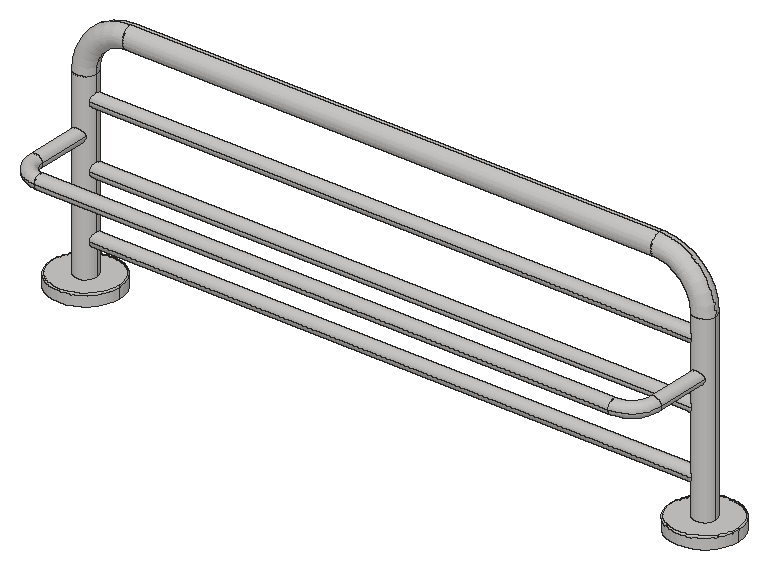
Revit family "PRD_FrankeWS_TwlRls_FIRMUSDoubleTowelRack_FIRX012HP", category Specialty Equipment, host Face, Revit 2018
Family settings
  Host = Face
  Round Connector Dimension = Use Diameter
  Part Type = Normal
  OmniClass Number = 23.40.20.21.27
  OmniClass Title = Towel Bars
  Cut with Voids When Loaded = No
  Shared = No
  Room Calculation Point = No
Parameters (values of type "FIRX012HP")
  WarrantyStartDate [instance] = "1900-12-31T23:59:59"
  WarrantyGuarantorParts = "n/a"
  WarrantyGuarantorLabor = "n/a"
  WarrantyDurationUnit = "year"
  WarrantyDurationParts = "n/a"
  WarrantyDurationLabor = "n/a"
  WarrantyDescription = "n/a"
  Version = "1"
  Uniclass2015Version = "Products v1.17"
  Uniclass2015Title = "Towel rails"
  Uniclass2015Code = "Pr_40_20_76_90"
  URL = "www.kwc.com"
  TypeOfMounting = "Wall mounting"
  TypeOfFixing = "Screw"
  TagNumber [instance] = "n/a"
  SustainabilityPerformance = "n/a"
  Style = "Rack"
  Size = "600 x 115 x 220 mm"
  Shape = "n/a"
  SerialNumber [instance] = "n/a"
  Revision = "n/a"
  ReplacementCost = "n/a"
  RailMaterial = PRD_AR_StainlessSteel_HighPolished
  ProductInformation = "https://pim.kwc.com/product/2000106281/attachment/datasheet?locale=en"
  NominalWidth = 600.00 mm
  NominalHeight = 115.00 mm
  NominalDepth = 220.00 mm
  NetWeight = 2.67 kg
  Name = "Double Towel Rack FIRX012HP"
  NBSTypeID = "n/a"
  NBSReference = "45-35-72/372"
  NBSOfficeMasterTag = "n/a"
  NBSNote = "n/a"
  NBSDescription = "Towel rails"
  NBSCertification = "n/a"
  ModelReference = "FIRX012HP"
  ModelNumber = "2000106281"
  Model = ModelReference  # "FIRX012HP"
  MaterialCode = "1.4301"
  Material = "stainless steel"
  ManufacturerURL = "www.kwc.com"
  ManufacturerName = "KWC Group AG"  # constant formula
  Manufacturer = ManufacturerName  # "KWC Group AG"
  MainColor = "stainless steel"
  IsBuiltIn = "TRUE"
  IntegralAccessories = "incl. stainless steel screws and dowels"
  InstallationDate [instance] = "1900-12-31T23:59:59"
  IfcExportType = "USERDEFINED"
  IfcExportAs = "IfcFurnitureType"
  GrossWeight = 3.00 kg
  Grade = "n/a"
  Finish = "high polished"
  Features = "stainless steel, surface high polished"
  ExpectedLife = "n/a"
  DurationUnit = "year"
  Description = "Double towel rack in combination of towel shelf and rail for wall mounting, 304 stainless steel, round covers with drilled hole on bottom for fixation, inclusive stainless steel screws and dowels."
  Default Elevation = 1200.00 mm
  CreateOn = "05/2020"  # constant formula
  Constituents = "n/a"
  Color = "n/a"
  CodePerformance = "n/a"
  Category = "Pr_40_20_76_90, Towel rails"
  BarCode [instance] = "n/a"
  BIMObjectName = "PRD_AR_TowelRails_FIRMUSDoubleTowelRack_FIRX012HP"
  Author = "Archispace"  # constant formula
  AssetType = "Fixed"
  AssetIdentifier [instance] = "n/a"
  AccessibilityPerformance = "n/a"
Reference planes
  plane 1 "Center (Front/Back)": y = 0
  plane 2: z = 0
  plane 3 "Center (Left/Right)": x = 0
  plane 4: through (0, 126.53, 100.48) normal (0, -0.7071, 0.7071)
  plane 5: through (0, -10.935, 59.177) normal (0, -0.1736, 0.9848)
  plane 6: y = 27
  plane 7: y = -27
  plane 8: x = -300
  plane 9: x = 300
  plane 10: x = 273
  plane 11: x = -273
Forms (mm)
  Extrusion 1, solid, material "PRD_AR_StainlessSteel_HighPolished" <- "RailMaterial", detail levels fine
    sketch origin (0, 0, 0) x (1, 0, 0) y (0, 1, 0)
      loop
        circle (-273, 0) r 30
      loop
        circle (273, 0) r 30
    from 0 to 10
  Sweep 2, solid, material "PRD_AR_StainlessSteel_HighPolished" <- "RailMaterial", detail levels medium+fine
    path origin (0, 0, 0) x (1, 0, 0) y (0, 0, 1)
      loop
        line (-273, 10) -> (-273, 170.5)
        arc (-273, 170.5) -> (-261.284, 198.784) -> (-233, 210.5) r 40
        line (-233, 210.5) -> (233, 210.5)
        arc (233, 210.5) -> (261.284, 198.784) -> (273, 170.5) r 40
        line (273, 170.5) -> (273, 10)
    profile origin (-273, 0, 90.25) x (-1, 0, 0) y (0, -1, 0)
      loop
        circle (0, 0) r 9.5
  Extrusion 3, solid, material "PRD_AR_StainlessSteel_HighPolished" <- "RailMaterial", detail levels medium
    sketch origin (0, 0, 0) x (1, 0, 0) y (0, 1, 0)
      loop
        circle (-273, 0) r 30
      loop
        circle (273, 0) r 30
    from 0 to 10
  Extrusion 4, solid, material "PRD_AR_StainlessSteel_HighPolished" <- "RailMaterial", detail levels coarse
    sketch origin (0, 0, 0) x (1, 0, 0) y (0, 1, 0)
      loop
        line (-303, 30) -> (-303, -81.5) -> (303, -81.5) -> (303, 30) -> (-303, 30)
    from 0 to 220
  Sweep 5, solid, material "PRD_AR_StainlessSteel_HighPolished" <- "RailMaterial", detail levels medium+fine
    path origin (0, 0, 0) x (1, 0, 0) y (0, 0, 1)
      loop
        line (-273, 45) -> (273, 45)
    profile origin (0, 0, 45) x (0, 0, 1) y (0, -1, 0)
      loop
        circle (-5, 0) r 6
      loop
        circle (50, 0) r 6
      loop
        circle (105, 0) r 6
  Sweep 6, solid, material "PRD_AR_StainlessSteel_HighPolished" <- "RailMaterial", detail levels medium+fine
    path origin (0, 0, 122.5) x (1, 0, 0) y (0, 1, 0)
      loop
        line (-273, 0) -> (-273, -55.5)
        arc (-273, -55.5) -> (-267.142, -69.642) -> (-253, -75.5) r 20
        line (-253, -75.5) -> (253, -75.5)
        arc (253, -75.5) -> (267.142, -69.642) -> (273, -55.5) r 20
        line (273, -55.5) -> (273, 0)
    profile origin (-273, -27.75, 122.5) x (1, 0, 0) y (0, 0, 1)
      loop
        circle (0, 0) r 6
  Sweep 7, void
    path in 3D
      loop
        arc (-243, 0, 10) -> (-273, -30, 10) -> (-303, 0, 10) r 30
        arc (-303, 0, 10) -> (-273, 30, 10) -> (-243, 0, 10) r 30
    profile origin (-273, 30, 10) x (0, 1, 0) y (0, 0, 1)
      loop
        line (0, 0) -> (-1, 0)
        arc (-1, 0) -> (-0.293, -0.293) -> (0, -1) r 1
        line (0, -1) -> (0, 0)
  Sweep 8, void
    path in 3D
      loop
        arc (303, 0, 10) -> (273, -30, 10) -> (243, 0, 10) r 30
        arc (243, 0, 10) -> (273, 30, 10) -> (303, 0, 10) r 30
    profile origin (273, 30, 10) x (0, 1, 0) y (0, 0, 1)
      loop
        line (0, 0) -> (-1, 0)
        arc (-1, 0) -> (-0.293, -0.293) -> (0, -1) r 1
        line (0, -1) -> (0, 0)
Cuts and joins
  Sweep 7, Sweep 8 cuts Extrusion 1
  joined: Sweep 2, Sweep 5, Sweep 6
Lines and regions (mm)
  sketch lines
    curve 1: arc (-303, 0, 10) -> (-273, 30, 10) -> (-243, 0, 10) r 30
    curve 2: arc (-243, 0, 10) -> (-273, -30, 10) -> (-303, 0, 10) r 30
    curve 3: arc (243, 0, 10) -> (273, 30, 10) -> (303, 0, 10) r 30
    curve 4: arc (303, 0, 10) -> (273, -30, 10) -> (243, 0, 10) r 30
Dimensions and locks
  plane 1 "Center (Front/Back)" to plane 7 = 27.00 mm
  plane 1 "Center (Front/Back)" to plane 6 = 27.00 mm
  plane 8 to plane 3 "Center (Left/Right)" = 300.00 mm
  plane 3 "Center (Left/Right)" to plane 9 = 300.00 mm
  plane 11 to plane 3 "Center (Left/Right)" = 273.00 mm
  plane 3 "Center (Left/Right)" to plane 10 = 273.00 mm
  aligned and locked: plane 2 to host face
  aligned and locked: level to host face
